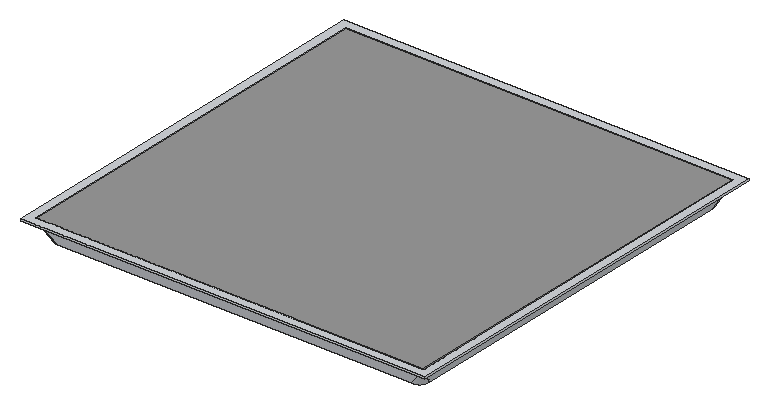
Revit family "44623", category Lighting Fixtures, host Face, Revit 2018
Family settings
  Host = Face
  Round Connector Dimension = Use Diameter
  Part Type = Normal
  OmniClass Number = 23.80.70.00
  OmniClass Title = Lighting
  Cut with Voids When Loaded = No
  Light Source = Yes
  Shared = No
  Room Calculation Point = No
Parameters (values of type "0044623 START PANEL ECO 600X600 3200 830")
  box length = 1160 mm
  Weight = "n/a"
  Wattage Comments = ""
  Wattage = 9.2903 W
  WarrantyStartDate [instance] = "n/a"
  WarrantyGuarantorParts = "n/a"
  WarrantyDurationUnit = "n/a"
  WarrantyDurationParts = ""
  WarrantyDescription = "http://www.sylvania-lighting.com"
  built-in parameter 1150110 = 1 (stored number, unit not read)
  Voltage = 0 V
  URL = "0.9"
  TypeName = "START Panel Eco 600x600 3200lm 830"
  Type Image = <None>
  Type Comments = "n/a"
  built-in parameter 1114217 = 1 (stored number, unit not read)
  Tilt Angle = -90.00°
  built-in parameter 1150109 = 1 (stored number, unit not read)
  built-in parameter 1150134 = 3
  built-in parameter 1150113 = 1 (stored number, unit not read)
  SerialNumber [instance] = "n/a"
  Photometric Web File = "0044623.IES"
  Material_3_SYL = none
  PowerFactor = 0
  PowerConsumption = "Lighting"
  NominalLength = 595 mm
  NominalHeight = 31 mm
  NominalDepth = 595 mm
  Name = "START Panel Eco 600x600 3200lm 830"
  ModelReference = Name  # "START Panel Eco 600x600 3200lm 830"
  ModelNumber = "0044623"
  Model = Name  # "START Panel Eco 600x600 3200lm 830"
  Material = "Feilo Sylvania"
  ManufacturerName = "110 lm/W"
  Manufacturer = ""
  LuminousEfficacy = ""
  built-in parameter 1150105 = 109.82 (stored number, unit not read)
  Lumens = 1380 lm
  LuminaireType = "0"
  built-in parameter 1150115 = 1 (stored number, unit not read)
  LightOutputRatio = "LED"
  built-in parameter 1150137 = (empty or 0)
  built-in parameter 1150139 = (empty or 0)
  LampsType = Lamp  # "n/a"
  LampNominalLuminous = "3000 K"
  LampMacAdamStep = "80"
  LampColourTemperature = "LED"
  LampColourRenderingIndex = "16500"
  built-in parameter 1150112 = 1 (stored number, unit not read)
  built-in parameter 1150114 = 1 (stored number, unit not read)
  Lamp = "n/a"
  Keynote = "n/a"
  InstallationDate [instance] = "n/a"
  InputVoltage = "0"
  InputNominalFrequency = "3000"
  built-in parameter 1150132 = (empty or 0)
  built-in parameter 1150102 = (empty or 0)
  built-in parameter 1150107 = 3200 (stored number, unit not read)
  built-in parameter 1150138 = (empty or 0)
  IngressProtection = "IfcLightFixtureType"
  ImpactProtectionIndex = "IfcLightFixtureType"
  built-in parameter 1150106 = 1.0982 (stored number, unit not read)
  IfcExportType = "IfcLightFixtureType"
  IfcExportAs = "Class II"
  Emit from Circle Diameter = 609.6 mm
  Emit Shape Visible in Rendering = no
  ElectricShockClassification = "110"
  built-in parameter 1150104 = 13.8 (stored number, unit not read)
  DocumentationLiterature = "http://www.sylvania-lighting.com/product/en-int/products/0044623"
  DimmingControlOptions = "n/a"
  Material_2_SYL = none
  Dimming Lamp Color Temperature Shift = <None>
  Description = "LED Panel with backlit technology, ideal for general indoor lighting applications such as breakout areas, offices and meeting rooms. Low glaring UGR<22. RG0, 110 degree beam angle , optical system: PS diffuser with Opal finish. Tp(b) rated diffuser that may not burn at a speed of more than 50mm per minute. Light color temperature: 3000K Warm White, total system power: 29W , total fixture output: 3200lm, efficacy: 110lm/W, Ra80 typical, LED chromacity: 5 step MacAdam ellipse (SDCM5), lifespan: 100,000 hours at 70% of the original output (L70B50), IR/UV free light source without heat radiation, operating voltage: 220-240V / 50-60Hz, low flicker, non dimmable driver, electrical protection: Class II. Degree of Protection: IP40/IP20, suitable for indoor environment only. Nominal size: 595x595x31mm, Loop in / loop out wiring, saftey cables & quick connector included, 31mm nominal height, White color frame, weight: 1,52kg."
  Default Elevation = 1219.2 mm
  CreatedOn = "15/11/2023"
  CreatedBy = "@sylvania-lighting.com"
  Cost = 0
  Color Filter = 16777215
  built-in parameter 1114216 [instance] = (empty or 0)
  ClassificationValue = "EF_70_80"
  ClassificationName = "Uniclass2015"
  Material_1_SYL = none
  BarCode [instance] = "n/a"
  built-in parameter 1114218 = 1 (stored number, unit not read)
  built-in parameter 1150133 = 10 (stored number, unit not read)
  AssetType = "Fixed"
  AssetIdentifier [instance] = "n/a"
  Assembly Code = "D5020200"
  Apparent Load = 29 VA
  Material_4_SYL = none
Reference planes
  plane 1 "Center (Front/Back)": y = 0
  plane 2: z = 0
  plane 3 "Center (Left/Right)": x = 0
  plane 4: x = -297.5
  plane 5: x = 297.5
  plane 6: y = 297.5
  plane 7: y = -297.5
  plane 8: z = 31
  plane 9: z = 1
  plane 10: x = -284.5
  plane 11: y = 284.5
  plane 12: y = -284.5
  plane 13: x = 284.5
  plane 14: y = -275
  plane 15: y = 275
  plane 16: x = -275
  plane 17: x = 275
  plane 18: y = 260
  plane 19: x = -260
  plane 20: x = 260
  plane 21: y = -260
  plane 22: z = -28.5
  plane 23: z = 2.5
Forms (mm)
  Extrusion 1, solid, detail levels medium+fine
    sketch origin (0, 0, 0) x (1, 0, 0) y (0, 1, 0)
      loop
        line (-297.5, 297.5) -> (-297.5, -297.5) -> (297.5, -297.5) -> (297.5, 297.5) -> (-297.5, 297.5)
    from 0 to 2.5
  Extrusion 2, void
    sketch origin (0, 0, 0) x (1, 0, 0) y (0, 1, 0)
      loop
        line (-284.5, 284.5) -> (-284.5, -284.5) -> (284.5, -284.5) -> (284.5, 284.5) -> (-284.5, 284.5)
    from 2.5 to 1
  Extrusion 3, solid, material "Glass, White, High Luminance", detail levels fine
    sketch origin (0, 0, 0) x (1, 0, 0) y (0, 1, 0)
      loop
        line (-284.5, 284.5) -> (-284.5, -284.5) -> (284.5, -284.5) -> (284.5, 284.5) -> (-284.5, 284.5)
    from 2.5 to 1
  Blend 4, solid, detail levels medium+fine
    base sketch origin (0, 0, 0) x (1, 0, 0) y (0, 1, 0)
      loop
        line (-284.5, 284.5) -> (-284.5, -284.5) -> (284.5, -284.5) -> (284.5, 284.5) -> (-284.5, 284.5)
    top sketch origin (0, 0, 0) x (1, 0, 0) y (0, 1, 0)
      loop
        line (-275, 260) -> (-275, -260)
        arc (-275, -260) -> (-270.607, -270.607) -> (-260, -275) r 15
        line (-260, -275) -> (260, -275)
        arc (260, -275) -> (270.607, -270.607) -> (275, -260) r 15
        line (275, -260) -> (275, 260)
        arc (275, 260) -> (270.607, 270.607) -> (260, 275) r 15
        line (260, 275) -> (-260, 275)
        arc (-260, 275) -> (-270.607, 270.607) -> (-275, 260) r 15
    from 0 to -28.5
  Extrusion 5, solid, detail levels coarse
    sketch origin (0, 0, 0) x (1, 0, 0) y (0, 1, 0)
      loop
        line (-297.5, 297.5) -> (-297.5, -297.5) -> (297.5, -297.5) -> (297.5, 297.5) -> (-297.5, 297.5)
    from -28.5 to 2.5
Cuts and joins
  Extrusion 2 cuts Extrusion 1
Dimensions and locks
  "NominalLength": plane 4 to plane 5
  equal spacing: plane 4, plane 3 "Center (Left/Right)", plane 5
  "NominalDepth": plane 6 to plane 7
  equal spacing: plane 6, plane 1 "Center (Front/Back)", plane 7
  "NominalHeight": plane 8 to level
  plane 7 to plane 12 to plane 1 "Center (Front/Back)" = 13 mm, 284.5 mm
  "NominalHeight": plane 22 to plane 23
  aligned and locked: plane 2 to host face
  aligned and locked: level to host face
Automatic sketch dimensions
  host sketch curve to host sketch curve = 2438.4 mm  (x2)
  Extrusion 1 sketch curve to plane 4 = 0 mm
  Extrusion 1 sketch curve to plane 5 = 0 mm
  Extrusion 1 sketch curve to plane 7 = 0 mm
  Extrusion 1 sketch curve to plane 6 = 0 mm
  Extrusion 2 sketch curve to plane 10 = 0 mm
  Extrusion 2 sketch curve to plane 12 = 0 mm
  Extrusion 2 sketch curve to plane 13 = 0 mm
  Extrusion 2 sketch curve to plane 11 = 0 mm
  Extrusion 3 sketch curve to plane 10 = 0 mm
  Extrusion 3 sketch curve to plane 12 = 0 mm
  Extrusion 3 sketch curve to plane 13 = 0 mm
  Extrusion 3 sketch curve to plane 11 = 0 mm
  Blend 4 sketch curve to plane 10 = 0 mm
  Blend 4 sketch curve to plane 12 = 0 mm
  Blend 4 sketch curve to plane 13 = 0 mm
  Blend 4 sketch curve to plane 11 = 0 mm
  Blend 4 sketch curve to plane 15 = 0 mm
  Blend 4 sketch curve to plane 19 = 0 mm
  Blend 4 sketch curve to plane 14 = 0 mm
  Blend 4 sketch curve to plane 20 = 0 mm  (x2)
  Blend 4 sketch curve to plane 18 = 0 mm  (x2)
  Blend 4 sketch curve to plane 21 = 0 mm
  Extrusion 5 sketch curve to plane 4 = 0 mm
  Extrusion 5 sketch curve to plane 5 = 0 mm
  Extrusion 5 sketch curve to plane 7 = 0 mm
  Extrusion 5 sketch curve to plane 6 = 0 mm
Connectors
  electrical at (0, 0, 0)
    settings: on cut or joined group of Extrusion 1, Extrusion 2, index 1, voltage 0 V, apparent load 0 VA, apparent load phase1 0 VA, apparent load phase2 0 VA, apparent load phase3 0 VA, power factor 1, load classification "Other", number of poles 1, system type 31, power factor state 1, is connector primary yes, connector utility no, sub classification motor no, connector description ""
